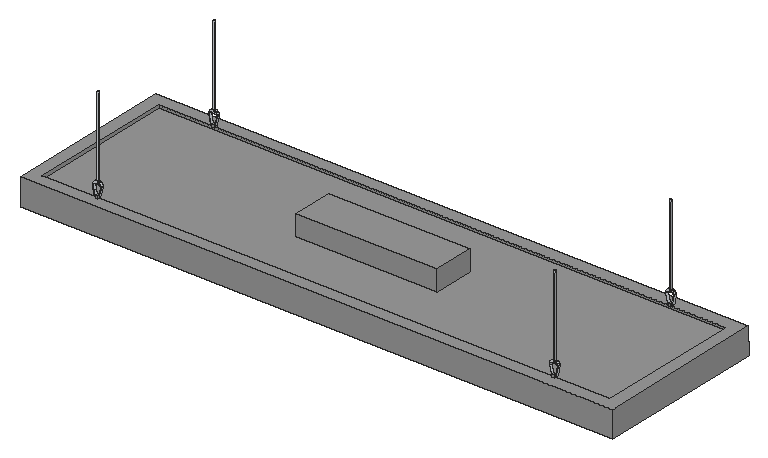
Revit family "HEFTY_4000K_19900LM_118W", category Lighting Fixtures, host Ceiling, Revit 2021
Family settings
  Host = Ceiling
  Round Connector Dimension = Use Diameter
  Part Type = Normal
  OmniClass Number = 23.80.70.11
  OmniClass Title = Luminaries for Internal Lighting
  Always vertical = Yes
  Cut with Voids When Loaded = No
  Light Source = Yes
  Shared = No
  Room Calculation Point = No
Parameters (values of type "Type 1")
  Wattage = 133.969 W
  built-in parameter 1150110 = 1 (stored number, unit not read)
  Type de lampe = "LED Mid Power"
  Type = "Luminaire industriel"
  built-in parameter 1114217 = 1 (stored number, unit not read)
  Tilt Angle = 90.00°
  Tension = "AC 220-240V"
  built-in parameter 1150109 = 1 (stored number, unit not read)
  built-in parameter 1150134 = 12
  built-in parameter 1150113 = 1 (stored number, unit not read)
  SDCM = "<3"
  Puissance nominale = "118W"
  Poids = "12 kg"
  Photometric Web File = "google_eulumdat_converter (6).ies"
  Matériau = "Acier galvanisé blanc"
  Maintien du flux = "L80B10 (50 000 heures)"
  Lumens = 19900 lm
  built-in parameter 1150115 = 1 (stored number, unit not read)
  built-in parameter 1150105 = 1583.6 (stored number, unit not read)
  built-in parameter 1150137 = (empty or 0)
  built-in parameter 1150139 = (empty or 0)
  built-in parameter 1150112 = 1 (stored number, unit not read)
  built-in parameter 1150114 = 1 (stored number, unit not read)
  built-in parameter 1150132 = 2
  built-in parameter 1150102 = (empty or 0)
  built-in parameter 1150138 = (empty or 0)
  built-in parameter 1150107 = 4000 (stored number, unit not read)
  built-in parameter 1150106 = 15.836 (stored number, unit not read)
  IRC = ">80"
  Emit from Rectangle Width = 609.6 mm
  Emit from Rectangle Length = 1219.2 mm
  Emit Shape Visible in Rendering = no
  built-in parameter 1150104 = 13.8 (stored number, unit not read)
  Durée de vie = "50 000 heures"
  Driver = "Driver Osram"
  Dimming Lamp Color Temperature Shift = <None>
  Dimensions = "1220x350x90 mm"
  Diffuseur = "Polycarbonate transparent"
  Default Elevation = 0 mm
  Color Filter = 16777215
  built-in parameter 1114218 = 1 (stored number, unit not read)
  built-in parameter 1150133 = 10 (stored number, unit not read)
  Angle d'éclairage = "90°"
Reference planes
  plane 1 "Light Source Axis (F/B)": y = 0
  plane 2: z = 0
  plane 3 "Light Source Axis (L/R)": x = 0
  plane 4 "Ceiling": z = 4000
  plane 5 "Light Source Elevation": z = 3750
Forms (mm)
  Extrusion 1, solid, material "Steel, Galvanized"
    sketch origin (0, 0, 4000) x (0, 1, 0) y (-1, 0, 0)
      loop
        line (175, 610) -> (-175, 610) -> (-175, -610) -> (175, -610) -> (175, 610)
      loop
        line (150, 585) -> (-150, 585) -> (-150, -585) -> (150, -585) -> (150, 585)
    from -250 to -196.102
  Extrusion 2, solid, material "Steel, Galvanized"
    sketch origin (0, 0, 4000) x (0, 1, 0) y (-1, 0, 0)
      loop
        line (150, 585) -> (-150, 585) -> (-150, -585) -> (150, -585) -> (150, 585)
    from -201.474 to -207.22
  Extrusion 3, solid, material "Steel, Galvanized"
    sketch origin (0, 0, 4000) x (0, 1, 0) y (-1, 0, 0)
      loop
        line (43.191, 147.964) -> (-41.809, 147.964) -> (-41.809, -142.036) -> (43.191, -142.036) -> (43.191, 147.964)
    from -207.22 to -160
  Extrusion 4, solid, material "Steel, Galvanized"
    sketch origin (195.234, -80.407, 4000) x (0, -1, 0) y (1, 0, 0)
      loop
        line (71.862, 277.481) -> (66.862, 277.481) -> (66.862, 272.481) -> (71.862, 272.481) -> (71.862, 277.481)
    from -196.102 to -190.59
  Extrusion 5, solid
    sketch origin (195.234, -80.407, 0) x (-1, 0, 0) y (0, 0, -1)
      loop
        line (-273.652, -3806.915) -> (-276.521, -3806.915) -> (-281.412, -3807.954) -> (-284.54, -3827.708)
        arc (-284.54, -3827.708) -> (-274.506, -3835.045) -> (-266.484, -3825.549) r 9.115
        line (-266.484, -3825.549) -> (-270.251, -3807.826) -> (-273.652, -3806.915)
      loop
        line (-274.011, -3807.991) -> (-276.306, -3807.991) -> (-279.848, -3808.744) -> (-282.81, -3827.45)
        arc (-282.81, -3827.45) -> (-274.423, -3831.527) -> (-267.537, -3825.237) r 8.303
        line (-267.537, -3825.237) -> (-271.034, -3808.788) -> (-274.011, -3807.991)
    from 67.418 to 71.074
  Extrusion 6, solid, material "Glass, White, High Luminance"
    sketch origin (0, 0, 4000) x (0, 1, 0) y (-1, 0, 0)
      loop
        line (150, 585) -> (-150, 585) -> (-150, -585) -> (150, -585) -> (150, 585)
    from -250 to -245.079
  Extrusion 7, solid
    sketch origin (195.234, -80.407, 4000) x (0, -1, 0) y (1, 0, 0)
      loop
        circle (68.947, 275) r 1.348
    from -170.446 to 0
  Extrusion 8, solid, material "Steel, Galvanized"
    sketch origin (195.234, 80.407, 4000) x (0, -1, 0) y (1, 0, 0)
      loop
        line (-71.862, 277.481) -> (-71.862, 272.481) -> (-66.862, 272.481) -> (-66.862, 277.481) -> (-71.862, 277.481)
    from -196.102 to -190.59
  Extrusion 9, solid
    sketch origin (195.234, 80.407, 0) x (-1, 0, 0) y (0, 0, 1)
      loop
        line (-273.652, 3806.915) -> (-270.251, 3807.826) -> (-266.484, 3825.549)
        arc (-266.484, 3825.549) -> (-274.506, 3835.045) -> (-284.54, 3827.708) r 9.115
        line (-284.54, 3827.708) -> (-281.412, 3807.954) -> (-276.521, 3806.915) -> (-273.652, 3806.915)
      loop
        line (-274.011, 3807.991) -> (-271.034, 3808.788) -> (-267.537, 3825.237)
        arc (-267.537, 3825.237) -> (-274.423, 3831.527) -> (-282.81, 3827.45) r 8.303
        line (-282.81, 3827.45) -> (-279.848, 3808.744) -> (-276.306, 3807.991) -> (-274.011, 3807.991)
    from 67.418 to 71.074
  Extrusion 10, solid
    sketch origin (195.234, 80.407, 4000) x (0, -1, 0) y (1, 0, 0)
      loop
        circle (-68.947, 275) r 1.348
    from -170.446 to 0
  Extrusion 11, solid, material "Steel, Galvanized"
    sketch origin (-195.234, 80.407, 4000) x (0, 1, 0) y (-1, 0, 0)
      loop
        line (71.862, 277.481) -> (66.862, 277.481) -> (66.862, 272.481) -> (71.862, 272.481) -> (71.862, 277.481)
    from -196.102 to -190.59
  Extrusion 12, solid
    sketch origin (-195.234, 80.407, 0) x (1, 0, 0) y (0, 0, -1)
      loop
        line (-273.652, -3806.915) -> (-276.521, -3806.915) -> (-281.412, -3807.954) -> (-284.54, -3827.708)
        arc (-284.54, -3827.708) -> (-274.506, -3835.045) -> (-266.484, -3825.549) r 9.115
        line (-266.484, -3825.549) -> (-270.251, -3807.826) -> (-273.652, -3806.915)
      loop
        line (-274.011, -3807.991) -> (-276.306, -3807.991) -> (-279.848, -3808.744) -> (-282.81, -3827.45)
        arc (-282.81, -3827.45) -> (-274.423, -3831.527) -> (-267.537, -3825.237) r 8.303
        line (-267.537, -3825.237) -> (-271.034, -3808.788) -> (-274.011, -3807.991)
    from 67.418 to 71.074
  Extrusion 13, solid
    sketch origin (-195.234, 80.407, 4000) x (0, 1, 0) y (-1, 0, 0)
      loop
        circle (68.947, 275) r 1.348
    from -170.446 to 0
  Extrusion 14, solid, material "Steel, Galvanized"
    sketch origin (-195.234, -80.407, 4000) x (0, 1, 0) y (-1, 0, 0)
      loop
        line (-71.862, 277.481) -> (-71.862, 272.481) -> (-66.862, 272.481) -> (-66.862, 277.481) -> (-71.862, 277.481)
    from -196.102 to -190.59
  Extrusion 15, solid
    sketch origin (-195.234, -80.407, 0) x (1, 0, 0) y (0, 0, 1)
      loop
        line (-273.652, 3806.915) -> (-270.251, 3807.826) -> (-266.484, 3825.549)
        arc (-266.484, 3825.549) -> (-274.506, 3835.045) -> (-284.54, 3827.708) r 9.115
        line (-284.54, 3827.708) -> (-281.412, 3807.954) -> (-276.521, 3806.915) -> (-273.652, 3806.915)
      loop
        line (-274.011, 3807.991) -> (-271.034, 3808.788) -> (-267.537, 3825.237)
        arc (-267.537, 3825.237) -> (-274.423, 3831.527) -> (-282.81, 3827.45) r 8.303
        line (-282.81, 3827.45) -> (-279.848, 3808.744) -> (-276.306, 3807.991) -> (-274.011, 3807.991)
    from 67.418 to 71.074
  Extrusion 16, solid
    sketch origin (-195.234, -80.407, 4000) x (0, 1, 0) y (-1, 0, 0)
      loop
        circle (-68.947, 275) r 1.348
    from -170.446 to 0
Lines and regions (mm)
  reference lines
    curve 1: line (0, 0, 4000) -> (325, 0, 4000)
    curve 2: line (0, 0, 4000) -> (-325, 0, 4000)
    curve 3: line (-325, 0, 4000) -> (-325, 95, 4000)
    curve 4: line (-325, 95, 4000) -> (325, 95, 4000)
    curve 5: line (325, 95, 4000) -> (325, -95, 4000)
    curve 6: line (325, -95, 4000) -> (-325, -95, 4000)
    curve 7: line (-325, -95, 4000) -> (-325, 0, 4000)
    curve 8: line (0, 0, 4000) -> (225, 0, 4000)
    curve 9: line (225, 0, 4000) -> (225, -70, 4000)
    curve 10: line (225, -70, 4000) -> (-275, -70, 4000)
    curve 11: line (-275, 70, 4000) -> (225, 70, 4000)
    curve 12: line (-325, 0, 4000) -> (-300, 0, 4000)
    curve 13: line (-300, 0, 4000) -> (-300, 5, 4000)
    curve 14: line (325, 0, 4000) -> (300, 0, 4000)
    curve 15: line (0, 0, 3750) -> (0, 0, 3840)
    curve 16: line (0, 0, 4000) -> (610, 0, 4000)
    curve 17: line (610, 0, 4000) -> (610, 25, 4000)
    curve 18: line (0, 0, 4000) -> (-610, 0, 4000)
    curve 19: line (0, -70, 4000) -> (470, -70, 4000)
    curve 20: line (470, -70, 4000) -> (470, -55, 4000)
    curve 21: line (325, 0, 4000) -> (325, 175, 4000)
    curve 22: line (325, 0, 4000) -> (325, -175, 4000)
Dimensions and locks
  equal spacing: host sketch curve, plane 3 "Light Source Axis (L/R)", host sketch curve
  equal spacing: host sketch curve, plane 1 "Light Source Axis (F/B)", host sketch curve
  host sketch curve to host sketch curve = 4000 mm  (x2)
  plane 4 "Ceiling" to host ceiling = 0 mm
  aligned and locked: plane 3 "Light Source Axis (L/R)" to imposter light
  aligned and locked: plane 1 "Light Source Axis (F/B)" to imposter light
  aligned and locked: plane 5 "Light Source Elevation" to imposter light
